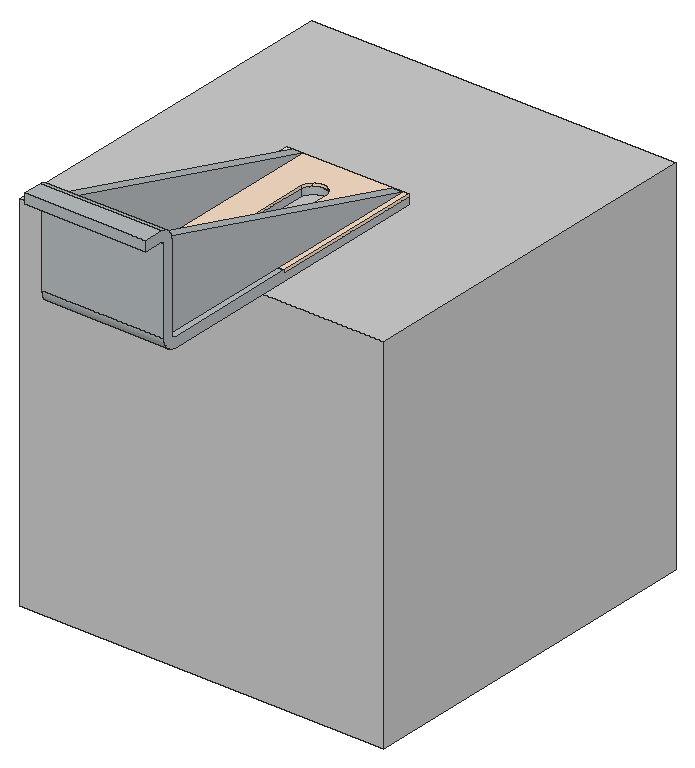
Revit family "REC-MP6T", category Structural Connections, host Face, Revit 2024
Family settings
  Host = Face
  Material for Model Behavior = Steel
  Enable Cutting in Views = Yes
  Cut with Voids When Loaded = Yes
  Shared = No
Parameters (values of type "MP6T")
  Visible = yes
  URL_Product_(Producto) = ""
  URL_DataSheet_(FichaTecnica) = ""
  URL_CE_Marking_(MarcadoCE) = ""
  Type IFC Predefined Type = "Brackets"
  Type Comments = ""
  URL = "https://recense.com/"
  Model = "MP6T"
  Manufacturer = "RECENSE"
  Keynote_ESP = "Sistema de sustentación de paneles prefabricados en pilares para cargas de hasta 6T."
  Keynote = "Supporting system for prefabricated panels on columns for loads up to 6T."
  IFCExportType = Classification.Uniclass.Pr.Description  # "Brackets"
  IFCExportAs = "IfcElementAssembly"
  Fecha de Creacion: = "01/03/2024"
  Fecha Ultima Revision: = "01/03/2024"
  Export Type to IFC As = "IfcElementAssembly"
  Description_ESP = "Ménsula de pilar 6T."
  Description = "Pilar corbel 6 T."
  Default Elevation = 0.0 mm
  Creado por: = "Deliprogal SL"
  Cost = 0
  Classification.Uniclass.Ss.Number = ""
  Classification.Uniclass.Ss.Description = ""
  Classification.Uniclass.Pr.Number = "Pr_20_85_09"
  Classification.Uniclass.Pr.Description = "Brackets"
  Classification.Uniclass.EF.Number = ""
  Classification.Uniclass.EF.Description = ""
  Classification.Space.Number = ""
  Classification.Space.Description = ""
  Classification.Facility.Number = ""
  Classification.Facility.Description = ""
  Assembly Code = ""
Reference planes
  plane 1 "Center (Front/Back)": y = 0
  plane 2: z = 0
  plane 3 "Center (Left/Right)": x = 0
Forms (mm)
  Extrusion 1, solid, material "REC_Base"
    sketch origin (0, -719.2, 0) x (1, 0, 0) y (0, 1, 0)
      loop
        line (-150, 869.2) -> (-150, 569.2) -> (150, 569.2) -> (150, 869.2) -> (-150, 869.2)
    from 0 to -300
  Extrusion 2, solid, material "REC_Acero, S 275JR (Zincado)"
    sketch origin (-50, 0, 0) x (0, 0, 1) y (0, -1, 0)
      loop
        line (82, 252) -> (12, 252)
        arc (12, 252) -> (3.515, 248.485) -> (0, 240) r 12
        line (0, 240) -> (0, 0) -> (6, 0) -> (6, 128) -> (8, 128) -> (8, 240)
        arc (8, 240) -> (9.172, 242.828) -> (12, 244) r 4
        line (12, 244) -> (82, 244)
        arc (82, 244) -> (89.071, 246.929) -> (92, 254) r 10
        line (92, 254) -> (92, 270) -> (84, 270) -> (84, 254)
        arc (84, 254) -> (83.414, 252.586) -> (82, 252) r 2
    from 0 to 100
  Extrusion 3, solid, material "REC_Acero, S 275JR (Zincado)"
    sketch origin (-50, 0, 0) x (0, 0, 1) y (0, -1, 0)
      loop
        line (82, 244) -> (16, 244) -> (8, 236) -> (8, 0) -> (82, 244)
    from 87 to 95
  Extrusion 4, void
    sketch origin (-50, -120, 0) x (0, -1, 0) y (1, 0, 0)
      loop
        arc (20.5, 60.5) -> (10, 50) -> (20.5, 39.5) r 10.5
        line (20.5, 39.5) -> (79.5, 39.5)
        arc (79.5, 39.5) -> (90, 50) -> (79.5, 60.5) r 10.5
        line (79.5, 60.5) -> (20.5, 60.5)
      loop
        arc (-25.5, 39.5) -> (-15, 50) -> (-25.5, 60.5) r 10.5
        line (-25.5, 60.5) -> (-84.5, 60.5)
        arc (-84.5, 60.5) -> (-95, 50) -> (-84.5, 39.5) r 10.5
        line (-84.5, 39.5) -> (-25.5, 39.5)
    from 0 to 8
  Extrusion 5, solid, material "REC_Denteado"
    sketch origin (-50, 0, 0) x (0, 0, 1) y (0, -1, 0)
      loop
        line (6, 128) -> (6, 0) -> (8, 0) -> (8, 128) -> (6, 128)
    from 0 to 100
  Extrusion 6, solid, material "REC_Acero, S 275JR (Zincado)"
    sketch origin (50, 0, 0) x (0, 0, 1) y (0, 1, 0)
      loop
        line (82, -244) -> (8, 0) -> (8, -236) -> (16, -244) -> (82, -244)
    from 87 to 95
Cuts and joins
  Extrusion 4 cuts Extrusion 2
  joined: Extrusion 2, Extrusion 3
  Extrusion 4 cuts Extrusion 5
Dimensions and locks
  aligned and locked: plane 2 to Extrusion 1
  aligned and locked: level to Extrusion 1
